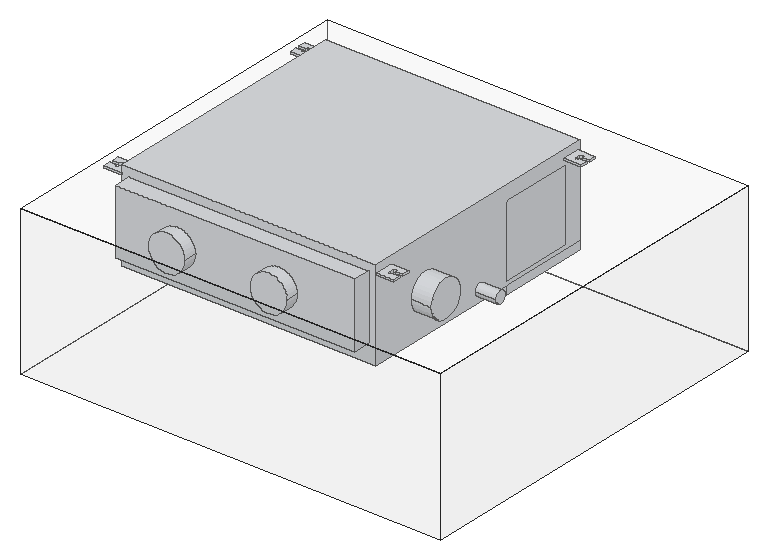
Revit family "pdfy-p22_140gmg9_60Hz", category 機械設備, Revit 2019
Family settings
  丸型コネクタ寸法 = 直径を使用
  パーツ タイプ = 標準
  OmniClass 番号 = 23.75.10.24.21.27.27
  OmniClass タイトル = Split System Air Conditioning Units
  作業面ベース = いいえ
  常に垂直 = いいえ
  ロード時にボイドで切り取り = いいえ
  共有 = いいえ
  部屋計算ポイント = はい
Parameters (values of type "PDFY-P22GMG9")
  騒音レベル（弱）(dB) = 51
  騒音レベル（中）(dB) = 55
  風量（弱）（m3／min） = 6
  風量（中）（m3／min） = 7.5
  風量（m3／min） = 8.5
  風量 = MAX風量  # 510.0 m³/h
  音響パワーレベル(dB) = 57
  電源種別 = ""
  電圧_電気ヒーター = 0 V
  電圧 = 200 V
  電動機出力_送風機 = 85 W
  運転質量 = 0.00 kg
  連動 = ""
  質量 = if(製品質量 > 運転質量, 製品質量, 運転質量) * 1.2  # 28.80 kg
  負荷分類 = 10_ファンコイル類
  説明 = "ビル用マルチエアコン 室内ユニット 天井ビルトイン形"
  設計暖房能力 [instance] = 0 kW
  設計冷房能力_顕熱 [instance] = 0 kW
  設計冷房能力 [instance] = 0 kW
  設置方法 = "天井吊(隠ぺい)形"
  記号 [instance] = ""
  製造元 = "三菱電機株式会社"
  製品質量 = 24.00 kg
  製品出荷対象 = "国内"
  製品リリース年月 = "2022年9月15日"
  製品グループ = ""
  系統 [instance] = ""
  符号 = "ACP-CIS"
  積算_科目 = "1 空気調和設備"
  積算_拾い区分 [instance] = ""
  相_電気ヒーター = 1
  相 = 1
  盤記号 [instance] = ""
  発停方法 = ""
  特殊仕様 [instance] = ""
  火災停止 = ""
  消費電力_電気ヒーター = 0 W
  消費電力_暖房 = 70 W
  消費電力_加湿器 = 0 W
  消費電力_冷房 = 90 W
  消費電力 = if(消費電力_冷房 > 消費電力_暖房, 消費電力_冷房, 消費電力_暖房) + 消費電力_加湿器 + 消費電力_電気ヒーター  # 90 W
  法定耐用年数 = "15"
  機外静圧 = 30.0 Pa
  極数 = 1
  材質 [instance] = ""
  有効加湿量 = 0
  暖房能力 = 2.5 kW
  形式_加湿器 = ""
  形式 = "天井吊（隠ぺい）形（片ダクト形）"
  幹線記号 [instance] = ""
  始動方式 = "直入"
  呼称 = "室内機_天井吊(隠ぺい)形(?ダクト形)"
  周波数 = 60 Hz
  台数_手元リモコン [instance] = ""
  台数_冷媒分岐ユニット [instance] = ""
  参照している仕様書等のバージョン = "公共建築工事標準仕様書（機械設備工事編）平成31年度版"
  加湿給水管径 = 0.00 mm
  分類コード = "50053003221050"
  分類グループ = ""
  冷房能力 = 2.2 kW
  冷媒高低圧ガス管径 = 0.00 mm
  冷媒管径符号 = "Ac"
  冷媒管径 = 100.00 mm
  冷媒液管径 = 6.35 mm
  冷媒ガス管径 = 12.70 mm
  価格 = 0
  企業コード = "108420"
  付属品_フィルター = ""
  付属品 [instance] = ""
  仕様書バージョン = "Version1.0"
  モデル = "PDFY-P22GMG9"
  パネル マテリアル = none
  ドレン管径 = 32.00 mm
  チャンバーボックス [instance] = yes
  ダクト高 = 178 mm
  ダクト幅 = 660 mm
  コメント [instance] = ""
  Keynote = ""
  Assembly Code = ""
  Width = 700 mm
  Version = ""
  Uniclass2015Version = "Systems v1.9"
  Uniclass2015Title = "Split coil remote air cooled condensing units"
  Uniclass2015Code = "Pr_70_65_03_84"
  URL = "https://www.mitsubishielectric.co.jp/ldg/wink/ssl/displayProduct.do?pid=317096"
  SpecificationReference = ""
  SpecificationDescription = ""
  Revision = ""
  ProductInformation = ""
  OmniClassCode = "23-33 17 13 11"
  MIN風量 = 風量（弱）（m3／min） * 60.0 m³/h  # 360.0 m³/h
  MID風量 = 風量（中）（m3／min） * 60.0 m³/h  # 450.0 m³/h
  MAX風量 = 風量（m3／min） * 60.0 m³/h  # 510.0 m³/h
  IfcTypeProduct = ""
  IfcProduct = ""
  IfcExportType = "AIRCONDITIONINGUNIT"
  IfcExportAs = "IfcUnitaryEquipmentType"
  Height = 250 mm
  Depth = 701 mm
  Author = "三菱電機株式会社"
Types (10, lengths in mm): name | 騒音レベル（弱）(dB) | 騒音レベル（中）(dB) | 風量（弱）（m3／min） | 風量（中）（m3／min） | 風量（m3／min） | 風量 | 音響パワーレベル(dB) | 電動機出力_送風機 | 質量 | 製品質量 | 消費電力_暖房 | 消費電力_冷房 | 消費電力 | 暖房能力 | 冷房能力 | 冷媒管径符号 | 冷媒液管径 | 冷媒ガス管径 | モデル | ダクト幅 | Width | URL | MIN風量 | MID風量 | MAX風量
  PDFY-P22GMG9 | 51 | 55 | 6 | 7.5 | 8.5 | 510.0 m³/h | 57 | 85 W | 28.80 kg | 24.00 kg | 70 W | 90 W | 90 W | 2.5 kW | 2.2 kW | "Ac" | 6.35 | 12.70 | "PDFY-P22GMG9" | 660 | 700 | "https://www.mitsubishielectric.co.jp/ldg/wink/ssl/displayProduct.do?pid=317096" | 360.0 m³/h | 450.0 m³/h | 510.0 m³/h
  PDFY-P28GMG9 | 51 | 56 | 6 | 7.5 | 8.5 | 510.0 m³/h | 57 | 85 W | 28.80 kg | 24.00 kg | 70 W | 90 W | 90 W | 3.2 kW | 2.8 kW | "Ac" | 6.35 | 12.70 | "PDFY-P28GMG9" | 660 | 700 | "https://www.mitsubishielectric.co.jp/ldg/wink/ssl/displayProduct.do?pid=317097" | 360.0 m³/h | 450.0 m³/h | 510.0 m³/h
  PDFY-P36GMG9 | 53 | 58 | 7 | 9 | 10.5 | 630.0 m³/h | 61 | 85 W | 28.80 kg | 24.00 kg | 110 W | 130 W | 130 W | 4 kW | 3.6 kW | "Ac" | 6.35 | 12.70 | "PDFY-P36GMG9" | 660 | 700 | "https://www.mitsubishielectric.co.jp/ldg/wink/ssl/displayProduct.do?pid=317098" | 420.0 m³/h | 540.0 m³/h | 630.0 m³/h
  PDFY-P45GMG9 | 53 | 56 | 9 | 12 | 14 | 840.0 m³/h | 59 | 85 W | 33.60 kg | 28.00 kg | 120 W | 140 W | 140 W | 5 kW | 4.5 kW | "Ac" | 6.35 | 12.70 | "PDFY-P45GMG9" | 860 | 900 | "https://www.mitsubishielectric.co.jp/ldg/wink/ssl/displayProduct.do?pid=317099" | 540.0 m³/h | 720.0 m³/h | 840.0 m³/h
  PDFY-P56GMG9 | 54 | 60 | 10 | 14.5 | 17 | 1020.0 m³/h | 62 | 85 W | 33.60 kg | 28.00 kg | 130 W | 150 W | 150 W | 6.3 kW | 5.6 kW | "Ac" | 6.35 | 15.90 | "PDFY-P56GMG9" | 860 | 900 | "https://www.mitsubishielectric.co.jp/ldg/wink/ssl/displayProduct.do?pid=317100" | 600.0 m³/h | 870.0 m³/h | 1020.0 m³/h
  PDFY-P71GMG9 | 56 | 60 | 12.5 | 16 | 19 | 1140.0 m³/h | 63 | 121 W | 39.60 kg | 33.00 kg | 140 W | 160 W | 160 W | 8 kW | 7.1 kW | "Bd" | 9.52 | 15.90 | "PDFY-P71GMG9" | 1060 | 1100 | "https://www.mitsubishielectric.co.jp/ldg/wink/ssl/displayProduct.do?pid=317101" | 750.0 m³/h | 960.0 m³/h | 1140.0 m³/h
  PDFY-P80GMG9 | 57 | 61 | 13 | 18 | 22 | 1320.0 m³/h | 64 | 121 W | 39.60 kg | 33.00 kg | 170 W | 190 W | 190 W | 9 kW | 8 kW | "Bd" | 9.52 | 15.90 | "PDFY-P80GMG9" | 1060 | 1100 | "https://www.mitsubishielectric.co.jp/ldg/wink/ssl/displayProduct.do?pid=317102" | 780.0 m³/h | 1080.0 m³/h | 1320.0 m³/h
  PDFY-P90GMG9 | 58 | 61 | 13 | 18 | 22 | 1320.0 m³/h | 64 | 121 W | 39.60 kg | 33.00 kg | 170 W | 190 W | 190 W | 10 kW | 9 kW | "Bd" | 9.52 | 15.90 | "PDFY-P90GMG9" | 1060 | 1100 | "https://www.mitsubishielectric.co.jp/ldg/wink/ssl/displayProduct.do?pid=317103" | 780.0 m³/h | 1080.0 m³/h | 1320.0 m³/h
  PDFY-P112GMG9 | 59 | 63 | 20 | 28 | 33 | 1980.0 m³/h | 67 | 244 W | 50.40 kg | 42.00 kg | 280 W | 300 W | 300 W | 12.5 kW | 11.2 kW | "Bd" | 9.52 | 15.90 | "PDFY-P112GMG9" | 1360 | 1400 | "https://www.mitsubishielectric.co.jp/ldg/wink/ssl/displayProduct.do?pid=317104" | 1200.0 m³/h | 1680.0 m³/h | 1980.0 m³/h
  PDFY-P140GMG9 | 62 | 67 | 24 | 34 | 40 | 2400.0 m³/h | 70 | 244 W | 50.40 kg | 42.00 kg | 390 W | 410 W | 410 W | 16 kW | 14 kW | "Bd" | 9.52 | 15.90 | "PDFY-P140GMG9" | 1360 | 1400 | "https://www.mitsubishielectric.co.jp/ldg/wink/ssl/displayProduct.do?pid=317105" | 1440.0 m³/h | 2040.0 m³/h | 2400.0 m³/h
Reference planes
  plane 1 "中心(正面/背面)": y = 0
  plane 2: z = 0
  plane 3 "中心(左/右)": x = 0
  plane 4: y = 407.5
  plane 5: x = -390
  plane 6: x = 770
  plane 7: y = -650.5
  plane 8: y = -350.5
  plane 9: y = 350.5
  plane 10: x = -350
  plane 11: x = 350
  plane 12: z = 22
  plane 13: z = 272
  plane 14: z = 282
  plane 15: z = -130
Lines and regions (mm)
  symbolic lines, detail levels fine
    curve 1: line (-350, 350.5, 0) -> (350, 350.5, 0)
    curve 2: line (-350, -350.5, 0) -> (-350, 350.5, 0)
    curve 3: line (350, -350.5, 0) -> (-350, -350.5, 0)
    curve 4: line (350, 350.5, 0) -> (350, -350.5, 0)
Dimensions and locks
  "Width": plane 10 to plane 11
  locked: plane 8 to plane 7 at 300
  locked: plane 4 to plane 9 at 57
  equal spacing: plane 9, plane 1 "中心(正面/背面)", plane 8
  "Depth": plane 9 to plane 8
  equal spacing: plane 10, plane 3 "中心(左/右)", plane 11
  locked: plane 11 to plane 6 at 420
  locked: plane 5 to plane 10 at 40
  locked: plane 12 to plane 2 at 22
  "Height": plane 13 to plane 12
  locked: plane 14 to plane 13 at 10
  locked: plane 2 to plane 15 at 130
  aligned and locked: level to plane 2
  aligned and locked: plane 1 "中心(正面/背面)" to nested 1
  aligned and locked: plane 3 "中心(左/右)" to nested 1
  aligned and locked: plane 6 to nested 2
  aligned and locked: plane 5 to nested 2
  aligned and locked: plane 15 to nested 2
  aligned and locked: plane 14 to nested 2
  aligned and locked: nested 2 to plane 7
  aligned and locked: nested 2 to plane 4
Automatic sketch dimensions
  curve 3 to plane 8 = 0 mm
  curve 3 to plane 10 = 0 mm
  curve 3 to plane 11 = 0 mm
  curve 2 to plane 9 = 0 mm
Nested families
  nested 1: "PDFY-P-GMG" at (0, 0, 0), ①高さ <- "Height", ①幅 <- "Width", ①奥行き <- "Depth", ダクト幅 <- "ダクト幅", ダクト高 <- "ダクト高", type "PDFY-P-GMG"
    with 配管径 100 mm, 液径 9.52 mm, 液W 57 mm, 液H 122 mm, 液D 136 mm, 吊りボルトW 754 mm, 吊りボルトH 20 mm, 吊りボルトD 643 mm, 加湿器径 0 mm, 加湿器W 0 mm, 加湿器H 0 mm, 加湿器D 0 mm, ドレン径 32 mm, ドレンW 58 mm, ドレンH 217 mm, ドレンD 356 mm, ダクト高 178 mm, ダクト幅 660 mm, ダクト④ no, ダクト③ no, ダクト② yes, ダクト① yes, ガス径 15.88 mm, ガスW 78 mm, ガスH 33 mm, ガスD 67 mm, ①高さ 250 mm, ①幅 700 mm, ①奥行き 701 mm, G 320 mm, F 320 mm, E 280 mm, D 210 mm
  nested 2: "サービススペース(PDFY-P-GMG)" at (190, -121.5, 76), type "サービススペース(PDFY-P-GMG)"
    with Width 1160 mm, Height 412 mm, Depth 1058 mm
Connectors
  piping at (407, -181, 133.5), diameter 100, driven by "冷媒管径"
    settings: on nested 1, index 5, connector inside diameter 609.60 mm, connector length 0 mm, flow factor 0, pipe flow 0.0 L/s, pressure drop 0.0 kPa, fitting loss kfactor 0, connector angle 0.00°, fixture units 0, engagement length 0 mm, angle of deflection 0.00°, flow configuration 1, flow direction 1, fitting loss method 4, system type 7, joint type 0, gender type 0, connector reference index -1, connector utility 0, adjustable connector no, is connector primary yes, connector description ""
  piping at (408, 5.5, 55), diameter 32, driven by "ドレン管径"
    settings: on nested 1, index 6, connector inside diameter 609.60 mm, connector length 0 mm, flow factor 0, pipe flow 0.0 L/s, pressure drop 0.0 kPa, fitting loss kfactor 0, connector angle 0.00°, fixture units 0, engagement length 0 mm, angle of deflection 0.00°, flow configuration 1, flow direction 1, fitting loss method 4, system type 16, joint type 0, gender type 0, connector reference index -1, connector utility 0, adjustable connector no, is connector primary no, connector description ""
  electrical at (351, 200.5, 133), driven by "極数", driven by "負荷分類", driven by "電圧", driven by "消費電力"
    settings: on nested 1, index 7, voltage 200 V, apparent load 90 VA, apparent load phase1 0 VA, apparent load phase2 0 VA, apparent load phase3 0 VA, power factor 1, load classification "10_ファンコイル類", number of poles 1, system type 30, power factor state 1, is connector primary yes, connector utility no, sub classification motor no, connector description ""
  hvac at (0, -397.5, 160), driven by "ダクト高", driven by "ダクト幅"
    settings: on nested 1, index 8, duct flow 0.0 m³/h, flow factor 0, pres drop 0.0 Pa, loss coef 0, conn angle 0.00°, conn width 660 mm, conn height 178 mm, conn diameter 609.6 mm, duct sys type 1, conn prof type 1, flow config 1, flow direction 2, loss method 4, conn ref index -1, conn util no, is conn primary yes, conn desc ""
Definition of nested family "PDFY-P-GMG"
  Parameters (values of type "PDFY-P-GMG")
    加湿器径 [instance] = 0 mm
    加湿器W [instance] = 0 mm
    加湿器H [instance] = 0 mm
    加湿器D [instance] = 0 mm
    液径 [instance] = 9.52 mm
    吊りボルトW [instance] = ①幅 + 54 mm  # 754 mm
    吊りボルトH [instance] = 20 mm
    吊りボルトD [instance] = 643 mm  # constant formula
    配管径 [instance] = 100 mm  # constant formula
    液W [instance] = 57 mm  # constant formula
    液H [instance] = 122 mm  # constant formula
    液D [instance] = 136 mm  # constant formula
    ドレン径 [instance] = 32 mm  # constant formula
    ドレンW [instance] = 58 mm  # constant formula
    ドレンH [instance] = 217 mm  # constant formula
    ドレンD [instance] = 356 mm  # constant formula
    ダクト高 [instance] = 178 mm
    ダクト幅 [instance] = 660 mm
    ダクト④ [instance] = ①幅 > 1300 mm  # no
    ダクト③ [instance] = ①幅 > 1000 mm  # no
    ダクト② [instance] = yes
    ダクト① [instance] = yes
    ガス径 [instance] = 15.88 mm
    ガスW [instance] = 78 mm  # constant formula
    ガスH [instance] = 33 mm  # constant formula
    ガスD [instance] = 67 mm  # constant formula
    ①幅 [instance] = 700 mm
    ①高さ [instance] = 250 mm
    ①奥行き [instance] = 701 mm
    G [instance] = 320 mm  # constant formula
    F [instance] = 320 mm  # constant formula
    E [instance] = if(①幅 = 1400 mm, 320 mm, if(①幅 = 1100 mm, 330 mm, if(①幅 = 900 mm, 450 mm, 280 mm)))  # 280 mm
    D [instance] = if(①幅 = 1400 mm, 220 mm, if(①幅 = 1100 mm, 230 mm, if(①幅 = 900 mm, 225 mm, 210 mm)))  # 210 mm
  Reference planes
    plane 1 "中心(正面/背面)": y = 0
    plane 2: z = 0
    plane 3 "中心(左/右)": x = 0
    plane 4: x = -350
    plane 5: x = 350
    plane 6: y = 350.5
    plane 7: y = -350.5
    plane 8: z = 272
    plane 9: y = 317.5
    plane 10: y = -325.5
    plane 11: x = -377
    plane 12: x = 377
    plane 13: y = 421.5
    plane 14: z = 252
    plane 15: z = 247
    plane 16: y = -397.5
    plane 17: x = 330
    plane 18: x = -330
    plane 19: y = -432.5
    plane 20: z = 71
    plane 21: z = 249
    plane 22: x = -400
    plane 23: x = 400
    plane 24: y = -300.5
    plane 25: y = 342.5
    plane 26: y = 292.5
    plane 27: x = -480
    plane 28: x = -160
    plane 29: x = 120
    plane 30: x = -800
    plane 31: z = 156
    plane 32: z = 22
    plane 33: y = 100.5
    plane 34: y = 5.5
    plane 35: y = -147.5
    plane 36: y = -214.5
    plane 37: y = -181
    plane 38: z = 150
    plane 39: z = 117
    plane 40: z = 133.5
    plane 41: x = 407
    plane 42: x = 408
    plane 43: z = 55
    plane 44: x = 351
  Forms (mm)
    Extrusion 1, solid, detail levels fine
      sketch origin (0, 0, 0) x (1, 0, 0) y (0, 1, 0)
        loop
          line (-350, 350.5) -> (-350, -350.5) -> (350, -350.5) -> (350, 350.5) -> (-350, 350.5)
      from 22 to 272
    Extrusion 2, solid, detail levels fine
      sketch origin (0, 0, 0) x (1, 0, 0) y (0, 0, 1)
        loop
          line (330, 249) -> (-330, 249) -> (-330, 71) -> (330, 71) -> (330, 249)
      from 350.5 to 397.5
    Extrusion 3, solid, detail levels fine
      sketch origin (0, 0, 0) x (1, 0, 0) y (0, 1, 0)
        loop
          line (350, 342.5) -> (350, 292.5) -> (400, 292.5) -> (400, 312.5) -> (382, 312.5)
          arc (382, 312.5) -> (377, 307.5) -> (372, 312.5) r 5
          line (372, 312.5) -> (372, 322.5)
          arc (372, 322.5) -> (377, 327.5) -> (382, 322.5) r 5
          line (382, 322.5) -> (400, 322.5) -> (400, 342.5) -> (350, 342.5)
        loop
          line (400, -300.5) -> (350, -300.5) -> (350, -350.5) -> (400, -350.5) -> (400, -330.5) -> (382, -330.5)
          arc (382, -330.5) -> (377, -335.5) -> (372, -330.5) r 5
          line (372, -330.5) -> (372, -320.5)
          arc (372, -320.5) -> (377, -315.5) -> (382, -320.5) r 5
          line (382, -320.5) -> (400, -320.5) -> (400, -300.5)
        loop
          line (-400, 342.5) -> (-400, 322.5) -> (-382, 322.5)
          arc (-382, 322.5) -> (-377, 327.5) -> (-372, 322.5) r 5
          line (-372, 322.5) -> (-372, 312.5)
          arc (-372, 312.5) -> (-377, 307.5) -> (-382, 312.5) r 5
          line (-382, 312.5) -> (-400, 312.5) -> (-400, 292.5) -> (-350, 292.5) -> (-350, 342.5) -> (-400, 342.5)
        loop
          line (-400, -300.5) -> (-400, -320.5) -> (-382, -320.5)
          arc (-382, -320.5) -> (-377, -315.5) -> (-372, -320.5) r 5
          line (-372, -320.5) -> (-372, -330.5)
          arc (-372, -330.5) -> (-377, -335.5) -> (-382, -330.5) r 5
          line (-382, -330.5) -> (-400, -330.5) -> (-400, -350.5) -> (-350, -350.5) -> (-350, -300.5) -> (-400, -300.5)
      from 247 to 252
    Extrusion 4, solid, visible <- "ダクト①", detail levels fine
      sketch origin (0, 0, 0) x (1, 0, 0) y (0, 0, 1)
        loop
          circle (120, 156) r 50
      from 397.5 to 432.5
    Extrusion 5, solid, detail levels fine
      sketch origin (0, 0, 0) x (1, 0, 0) y (0, 1, 0)
        loop
          line (-350, 350.5) -> (-350, 100.5) -> (350, 100.5) -> (350, 350.5) -> (-350, 350.5)
      from 0 to 22
    Extrusion 6, solid, detail levels fine
      sketch origin (0, 0, 0) x (0, 1, 0) y (0, 0, 1)
        loop
          circle (-181, 133.5) r 50
      from 350 to 407
    Extrusion 7, solid, detail levels fine
      sketch origin (0, 0, 0) x (0, 1, 0) y (0, 0, 1)
        loop
          circle (5.5, 55) r 16
      from 350 to 408
    Extrusion 8, solid, detail levels fine
      sketch origin (0, 0, 0) x (0, 1, 0) y (0, 0, 1)
        loop
          line (100.5, 231) -> (100.5, 35) -> (300.5, 35) -> (300.5, 231) -> (100.5, 231)
      from 350 to 351
    Extrusion 9, solid, visible <- "ダクト②", detail levels fine
      sketch origin (-140, 0, 0) x (1, 0, 0) y (0, 0, 1)
        loop
          circle (-20, 156) r 50
      from 397.5 to 432.5
    Extrusion 10, solid, visible <- "ダクト③", detail levels fine
      sketch origin (-280, 0, 0) x (1, 0, 0) y (0, 0, 1)
        loop
          circle (-200, 156) r 50
      from 397.5 to 432.5
    Extrusion 11, solid, visible <- "ダクト④", detail levels fine
      sketch origin (-420, 0, 0) x (1, 0, 0) y (0, 0, 1)
        loop
          circle (-380, 156) r 50
      from 397.5 to 432.5
  Dimensions and locks
    equal spacing: plane 7, plane 1 "中心(正面/背面)", plane 6
    "①奥行き": plane 7 to plane 6
    equal spacing: plane 4, plane 3 "中心(左/右)", plane 5
    "①幅": plane 4 to plane 5
    equal spacing: plane 11, plane 3 "中心(左/右)", plane 12
    "吊りボルトW": plane 11 to plane 12
    locked: plane 8 to plane 14 at 20
    locked: plane 14 to plane 15 at 5
    "ダクト幅": plane 17 to plane 18
    locked: plane 5 to plane 17 at 20
    "ダクト高": plane 21 to plane 20
    locked: plane 22 to plane 11 at 23
    locked: plane 12 to plane 23 at 23
    locked: plane 9 to plane 6 at 33
    "吊りボルトD": plane 10 to plane 9
    plane 26 to plane 9 to plane 25 = 25 mm locked, 25 mm locked
    plane 7 to plane 10 to plane 24 = 25 mm, 25 mm
    locked: plane 8 to plane 21 at 23
    locked: plane 16 to plane 7 at 47
    locked: plane 19 to plane 16 at 35
    "D": plane 29 to plane 17
    "E": plane 28 to plane 29
    "F": plane 27 to plane 28
    "G": plane 30 to plane 27
    locked: plane 8 to plane 31 at 116
    locked: plane 32 to level at 22
    "①高さ": plane 8 to plane 32
    locked: plane 33 to plane 6 at 250
    "液D": plane 7 to plane 36
    "ドレンD": plane 7 to plane 34
    "ガスD": plane 36 to plane 35
    equal spacing: plane 36, plane 37, plane 35
    "液H": plane 8 to plane 38
    "ガスH": plane 38 to plane 39
    equal spacing: plane 38, plane 40, plane 39
    "液W": plane 5 to plane 41
    "ドレンW": plane 5 to plane 42
    "ドレンH": plane 8 to plane 43
    plane 8 to plane 43 = 217 mm
    locked: plane 5 to plane 44 at 1
    radius of Extrusion 4 sketch curve = 50 mm
    "配管径": diameter of Extrusion 6 sketch curve
    "ドレン径": diameter of Extrusion 7 sketch curve
    radius of Extrusion 9 sketch curve = 50 mm
    radius of Extrusion 10 sketch curve = 50 mm
    radius of Extrusion 11 sketch curve = 50 mm
    aligned and locked: level to plane 2
    aligned and locked: plane 6 to Extrusion 1 sketch curve
    aligned and locked: plane 4 to Extrusion 1 sketch curve
    aligned and locked: Extrusion 1 sketch curve to plane 7
    aligned and locked: Extrusion 1 sketch curve to plane 5
    aligned and locked: plane 8 to Extrusion 1
    aligned and locked: plane 21 to Extrusion 2 sketch curve
    aligned and locked: plane 17 to Extrusion 2 sketch curve
    aligned and locked: Extrusion 2 sketch curve to plane 20
    aligned and locked: Extrusion 2 sketch curve to plane 18
    aligned and locked: plane 16 to Extrusion 2
    aligned and locked: Extrusion 2 to plane 7
    aligned and locked: plane 10 to nested 1
    aligned and locked: plane 11 to nested 1
    aligned and locked: plane 12 to nested 1
    aligned and locked: nested 1 to plane 9
    aligned and locked: plane 25 to Extrusion 3 sketch curve  (x2)
    aligned and locked: plane 5 to Extrusion 3 sketch curve
    aligned and locked: Extrusion 3 sketch curve to plane 26  (x2)
    aligned and locked: Extrusion 3 sketch curve to plane 23  (x2)
    aligned and locked: Extrusion 3 sketch curve to plane 24
    aligned and locked: plane 23 to Extrusion 3 sketch curve  (x2)
    aligned and locked: Extrusion 1 to Extrusion 3 sketch curve  (x2)
    aligned and locked: Extrusion 3 sketch curve to Extrusion 1  (x2)
    aligned and locked: plane 22 to Extrusion 3 sketch curve  (x4)
    aligned and locked: Extrusion 3 sketch curve to plane 4
    aligned and locked: plane 24 to Extrusion 3 sketch curve
    aligned and locked: plane 11 to Extrusion 3 sketch curve  (x4)
    aligned and locked: plane 12 to Extrusion 3 sketch curve  (x4)
    aligned and locked: plane 14 to Extrusion 3
    aligned and locked: Extrusion 3 to plane 15
    aligned and locked: plane 29 to Extrusion 4 sketch curve
    aligned and locked: plane 31 to Extrusion 4 sketch curve
    aligned and locked: plane 19 to Extrusion 4
    aligned and locked: Extrusion 4 to plane 16
    aligned and locked: Extrusion 1 to plane 32
    aligned and locked: Extrusion 5 sketch curve to Extrusion 1  (x2)
    aligned and locked: Extrusion 5 sketch curve to plane 33
    aligned and locked: Extrusion 5 sketch curve to plane 5
    aligned and locked: Extrusion 5 to Extrusion 1
    aligned and locked: plane 37 to Extrusion 6 sketch curve
    aligned and locked: plane 40 to Extrusion 6 sketch curve
    aligned and locked: Extrusion 6 to plane 5
    aligned and locked: plane 41 to Extrusion 6
    aligned and locked: plane 34 to Extrusion 7 sketch curve
    aligned and locked: plane 43 to Extrusion 7 sketch curve
    aligned and locked: plane 42 to Extrusion 7
    aligned and locked: Extrusion 7 to plane 5
    aligned and locked: plane 44 to Extrusion 8
    aligned and locked: Extrusion 8 to plane 5
    aligned and locked: plane 28 to Extrusion 9 sketch curve
    aligned and locked: plane 31 to Extrusion 9 sketch curve
    aligned and locked: plane 27 to Extrusion 10 sketch curve
    aligned and locked: plane 31 to Extrusion 10 sketch curve
    aligned and locked: plane 31 to Extrusion 11 sketch curve
    aligned and locked: plane 30 to Extrusion 11 sketch curve
    aligned and locked: plane 19 to Extrusion 11
    aligned and locked: Extrusion 11 to plane 16
    aligned and locked: plane 19 to Extrusion 10
    aligned and locked: Extrusion 10 to plane 16
    aligned and locked: Extrusion 9 to plane 16
    aligned and locked: plane 19 to Extrusion 9
  Automatic sketch dimensions
    Extrusion 3 sketch curve to plane 11 = 5 mm  (x2)
    Extrusion 3 sketch curve to Extrusion 3 sketch curve = 5 mm
    Extrusion 3 sketch curve to plane 12 = 5 mm
    plane 10 to Extrusion 3 sketch curve = 5 mm  (x2)
    Extrusion 3 sketch curve to Extrusion 3 sketch curve = 0 mm  (x4)
    Extrusion 3 sketch curve to plane 10 = 5 mm  (x2)
    plane 9 to Extrusion 3 sketch curve = 5 mm  (x3)
    Extrusion 3 sketch curve to plane 9 = 5 mm  (x2)
    Extrusion 8 sketch curve to plane 33 = 0 mm
    Extrusion 8 sketch curve to plane 26 = 8 mm
    plane 32 to Extrusion 8 sketch curve = 13 mm
    Extrusion 8 sketch curve to plane 15 = 16 mm
  Nested families
    nested 1: "固定点" at (-377, -325.5, 0), type "固定点", detail levels fine
      with W 754 mm, D 643 mm, 中心円 10 mm
  Definition of nested family "固定点"
    Parameters (values of type "固定点")
      中心円 = 20 mm
      W [instance] = 1000 mm
      D [instance] = 1000 mm
    Reference planes
      plane 1 "中心(正面/背面)": y = 0
      plane 2: z = 0
      plane 3 "中心(左/右)": x = 0
      plane 4: x = 1000
      plane 5: y = 1000
    Lines and regions (mm)
      symbolic lines, detail levels fine
        curve 1: circle (0, 1000, 0) r 10 normal (0, 0, 1)
        curve 2: circle (0, 0, 0) r 10 normal (0, 0, 1)
        curve 3: circle (1000, 1000, 0) r 10 normal (0, 0, 1)
        curve 4: circle (1000, 0, 0) r 10 normal (0, 0, 1)
        curve 5: line (-200, 1000, 0) -> (1200, 1000, 0)
        curve 6: line (-200, 0, 0) -> (1200, 0, 0)
        curve 7: line (0, 1200, 0) -> (0, -200, 0)
        curve 8: line (1000, 1200, 0) -> (1000, -200, 0)
    Dimensions and locks
      "W": plane 3 "中心(左/右)" to plane 4
      "D": plane 1 "中心(正面/背面)" to plane 5
      "中心円": diameter of curve 1
      "中心円": diameter of curve 2
      "中心円": diameter of curve 3
      "中心円": diameter of curve 4
      aligned and locked: level to plane 2
      aligned and locked: plane 5 to curve 1
      aligned and locked: plane 3 "中心(左/右)" to curve 1
      aligned and locked: plane 3 "中心(左/右)" to curve 2
      aligned and locked: plane 1 "中心(正面/背面)" to curve 2
      aligned and locked: plane 4 to curve 3
      aligned and locked: plane 5 to curve 3
      aligned and locked: plane 1 "中心(正面/背面)" to curve 4
      aligned and locked: plane 4 to curve 4
      aligned and locked: plane 1 "中心(正面/背面)" to curve 6
      aligned and locked: curve 7 to plane 3 "中心(左/右)"
      aligned and locked: curve 8 to plane 4
    Automatic sketch dimensions
      curve 5 to plane 5 = 0 mm
      curve 6 to plane 3 "中心(左/右)" = 200 mm
      curve 5 to plane 3 "中心(左/右)" = 200 mm
      curve 4 to curve 6 = 200 mm
      curve 3 to curve 5 = 200 mm
      plane 1 "中心(正面/背面)" to curve 8 = 200 mm
      plane 1 "中心(正面/背面)" to curve 7 = 200 mm
      curve 3 to curve 8 = 200 mm
      curve 1 to curve 7 = 200 mm
Definition of nested family "サービススペース(PDFY-P-GMG)"
  Parameters (values of type "サービススペース")
    Width [instance] = 500 mm
    Height [instance] = 500 mm
    Depth [instance] = 500 mm
  Reference planes
    plane 1 "中心(正面/背面)": y = 0
    plane 2: z = 0
    plane 3 "中心(左/右)": x = 0
    plane 4: y = -250
    plane 5: x = 250
    plane 6: y = 250
    plane 7: x = -250
    plane 8: z = 250
    plane 9: z = -250
  Forms (mm)
    Extrusion 1, solid
      sketch origin (-638.939, 0, 72.39) x (1, 0, 0) y (0, 1, 0)
        loop
          line (388.939, 250) -> (388.939, -250) -> (888.939, -250) -> (888.939, 250) -> (388.939, 250)
      from -322.39 to 177.61
  Lines and regions (mm)
    symbolic lines
      curve 1: line (-250, 0, 250) -> (250, 0, 250)
      curve 2: line (-250, 0, -250) -> (-250, 0, 250)
      curve 3: line (250, 0, -250) -> (-250, 0, -250)
      curve 4: line (250, 0, 250) -> (250, 0, -250)
      curve 5: line (0, -250, 250) -> (0, 250, 250)
      curve 6: line (0, -250, -250) -> (0, -250, 250)
      curve 7: line (0, 250, -250) -> (0, -250, -250)
      curve 8: line (0, 250, 250) -> (0, 250, -250)
      curve 9: line (-250, 250, 0) -> (250, 250, 0)
      curve 10: line (-250, -250, 0) -> (-250, 250, 0)
      curve 11: line (250, -250, 0) -> (-250, -250, 0)
      curve 12: line (250, 250, 0) -> (250, -250, 0)
  Dimensions and locks
    equal spacing: plane 7, plane 3 "中心(左/右)", plane 5
    equal spacing: plane 4, plane 1 "中心(正面/背面)", plane 6
    "Depth": plane 4 to plane 6
    "Width": plane 7 to plane 5
    equal spacing: plane 8, plane 2, plane 9
    "Height": plane 8 to plane 9
    aligned and locked: plane 9 to curve 3
    aligned and locked: plane 7 to curve 2
    aligned and locked: curve 4 to plane 5
    aligned and locked: plane 5 to Extrusion 1
    aligned and locked: Extrusion 1 to plane 7
    aligned and locked: Extrusion 1 to plane 9
    aligned and locked: plane 8 to Extrusion 1
    aligned and locked: plane 9 to curve 7
  Automatic sketch dimensions
    plane 4 to Extrusion 1 sketch curve = 0 mm
    Extrusion 1 sketch curve to plane 7 = 0 mm
    Extrusion 1 sketch curve to plane 5 = 0 mm
    plane 6 to Extrusion 1 sketch curve = 0 mm
    curve 2 to plane 8 = 0 mm
    plane 4 to curve 11 = 0 mm
    curve 11 to plane 7 = 0 mm
    curve 11 to plane 5 = 0 mm
    plane 6 to curve 10 = 0 mm
    curve 7 to plane 4 = 0 mm
    curve 7 to plane 6 = 0 mm
    curve 6 to plane 8 = 0 mm
